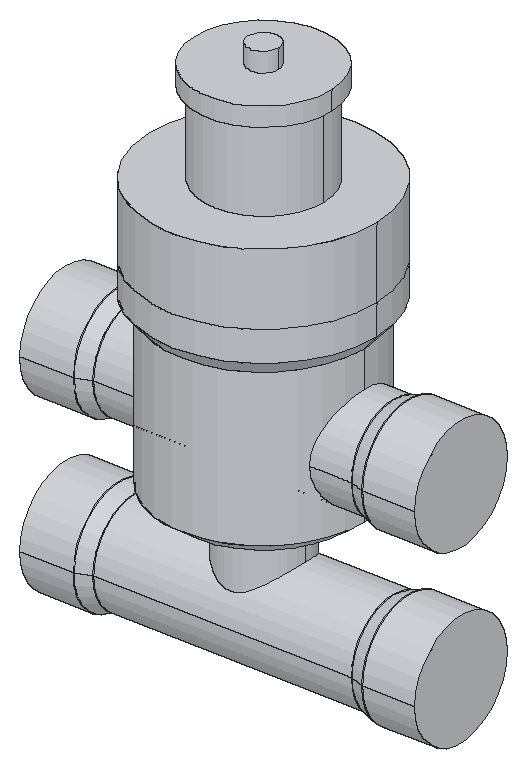
Revit family "VTX12P_DN15_PN16_RFA_2019", category Pipe Accessories, Revit 2019
Family settings
  Round Connector Dimension = Use Diameter
  Part Type = Valve - Breaks Into
  Work Plane-Based = No
  Always vertical = Yes
  Cut with Voids When Loaded = No
  Shared = No
Parameters (values of type "VTX12P G1/2  PN16 kvs1,0")
  magiProductId = ""
  magiProductFamilyId = ""
  magiPartTypeId = 306
  isMeasuringValve [instance] = no
  ang2D [instance] = 0.00°
  Z8 = 4 mm
  Z7__ve = -Z7  # -2.5 mm
  Z7 = 2.5 mm
  Z5 = 9.45 mm
  Z3 = 2 mm
  Z2 = 8.05 mm
  X4__ve = -X4  # -7 mm
  X4 = 7 mm
  X3 = 34 mm
  W2D = 15 mm
  VersionID = ""
  Use Minimum Symbol Size [instance] = yes
  URL = "www.hydronix.cz"
  Type Comments = "Závitový, vnější závit, ploché těsnění; LIN charakteristika; PN16; +5~+95°C; max.rychlost proudění 3,0 m/s"
  R9 = 9 mm
  R8 = 2 mm
  R7 = 15 mm
  R6 = 10.64 mm
  R5 = 6.703 mm
  R4 = 5.586 mm
  R2 = 13.3 mm
  R10 = 8 mm
  R1 = 6.75 mm
  QmdConnectorList = "301;D;302;D"
  Productdata [instance] = ""
  Manufacturer = "Hydronix"
  MC2 = yes
  MC Product Code = "VTX12P (G1/2\"; dpmax=250kPa; kvs 1,0)"
  MC = no
  LT2 = 19 mm
  L2D_Min = 3048 mm
  L2D = 38 mm
  H1 = 20.5 mm
  H = 27 mm
  E = 16 mm
  Description = "3 cestný regulační ventil malých spotřebičů s obtokem, DN15; zdvih 2,5mm; max dp 250kPa; kvs1,0"
  DT2 = 7.5 mm
  D = 15 mm
  CAT0 = yes
  C = 23 mm
Types (8, lengths in mm): name | Z5 | Z2 | X3 | R6 | R5 | R4 | R2 | R1 | MC Product Code | LT2 | H1 | H | Description | DT2 | D | C
  VTX09P G1/2  PN16 kvs0,25 | 9.45 | 8.05 | 34 | 10.64 | 6.703 | 5.586 | 13.3 | 6.75 | "VTX09P (G1/2\"; dpmax=250kPa; kvs 0,25)" | 19 | 20.5 | 27 | "3 cestný regulační ventil malých spotřebičů s obtokem, DN15; zdvih 2,5mm; max dp 250kPa; kvs0,25" | 7.5 | 15 | 23
  VTX10P G1/2  PN16 kvs0,4 | 9.45 | 8.05 | 34 | 10.64 | 6.703 | 5.586 | 13.3 | 6.75 | "VTX10P (G1/2\"; dpmax=250kPa; kvs 0,4)" | 19 | 20.5 | 27 | "3 cestný regulační ventil malých spotřebičů s obtokem, DN15; zdvih 2,5mm; max dp 250kPa; kvs0,4" | 7.5 | 15 | 23
  VTX12P G1/2  PN16 kvs1,0 | 9.45 | 8.05 | 34 | 10.64 | 6.703 | 5.586 | 13.3 | 6.75 | "VTX12P (G1/2\"; dpmax=250kPa; kvs 1,0)" | 19 | 20.5 | 27 | "3 cestný regulační ventil malých spotřebičů s obtokem, DN15; zdvih 2,5mm; max dp 250kPa; kvs1,0" | 7.5 | 15 | 23
  VTX13P G1/2  PN16 kvs1,6 | 9.45 | 8.05 | 34 | 10.64 | 6.703 | 5.586 | 13.3 | 6.75 | "VTX13P (G1/2\"; dpmax=250kPa; kvs 1,6)" | 19 | 20.5 | 27 | "3 cestný regulační ventil malých spotřebičů s obtokem, DN15; zdvih 2,5mm; max dp 250kPa; kvs1,6" | 7.5 | 15 | 23
  VTX21P G3/4  PN16 kvs2,5 | 9.1 | 17.5 | 38 | 11.76 | 7.409 | 6.174 | 14.7 | 9 | "VTX21P (G3/4\"; dpmax=150kPa; kvs 2,5)" | 21 | 37.4 | 26 | "3 cestný regulační ventil malých spotřebičů s obtokem, DN20; zdvih 2,5mm; max dp 150kPa; kvs2,5" | 10 | 20 | 50
  VTX24P G3/4  PN16 kvs4,0 | 9.1 | 17.5 | 38 | 11.76 | 7.409 | 6.174 | 14.7 | 9 | "VTX24P (G3/4\"; dpmax A-AB=100kPa;  dpmax B-AB=40kPa;  kvs 4,0)" | 21 | 37.4 | 26 | "3 cestný regulační ventil malých spotřebičů s obtokem, DN20; zdvih 2,5mm; max dp A-AB 100kPa; max dp B-AB 40kPa; kvs4,0" | 10 | 20 | 50
  VTX26P G3/4  PN16 kvs6,0 | 9.1 | 17.5 | 38 | 11.76 | 7.409 | 6.174 | 14.7 | 9 | "VTX26P (G3/4\"; dpmax A-AB=100kPa;  dpmax B-AB=40kPa; kvs 6,0)" | 21 | 37.4 | 26 | "3 cestný regulační ventil malých spotřebičů s obtokem, DN20; zdvih 2,5mm; max dp A-AB 100kPa; max dp B-AB 40kPa; kvs6,0" | 10 | 20 | 50
  VTX11P G1/2  PN16 kvs0,6 | 9.45 | 8.05 | 34 | 10.64 | 6.703 | 5.586 | 13.3 | 6.75 | "VTX11P (G1/2\"; dpmax=250kPa; kvs 0,6)" | 19 | 20.5 | 27 | "3 cestný regulační ventil malých spotřebičů s obtokem, DN15; zdvih 2,5mm; max dp 250kPa; kvs0,6" | 7.5 | 15 | 23
Reference planes
  plane 1 "Center (Front/Back)": y = 0
  plane 2 "XYPLANE": z = 0
  plane 3 "Center (Left/Right)": x = 0
  plane 4 "271": z = 38
  plane 5 "254": z = 11.55
  plane 6 "253": z = 17.55
  plane 7 "148": z = 40.5
  plane 8 "132": z = 43
  plane 9 "62": z = 13.55
  plane 10 "53": z = 27
  plane 11 "52": z = -8.95
  plane 12 "48": z = -10.95
  plane 13 "47": z = -12.95
  plane 14 "38": z = -21
  plane 15 "37": x = 17
  plane 16 "36": x = 19
  plane 17 "23": z = -23
  plane 18 "19": x = -17
  plane 19 "15": x = -19
  plane 20 "6": x = 26
  plane 21 "5": x = -26
  plane 22 "3": z = 0
  plane 23 "2": y = 0
  plane 24 "1": x = 0
Forms (mm)
  Extrusion 1, solid
    sketch origin (-17, -750, 0) x (0, 1, 0) y (0, 0, 1)
      loop
        circle (750, -23) r 6.75
    from 0 to 34 <- "X3"
  Blend 2, solid
    base sketch origin (19, -750, 0) x (0, 1, 0) y (0, 0, 1)
      loop
        circle (750, -23) r 7.5
    top sketch origin (19, -750, 0) x (0, 1, 0) y (0, 0, 1)
      loop
        circle (750, -23) r 6.75
    from 0 to -2
  Extrusion 3, solid
    sketch origin (26, -750, 0) x (0, 1, 0) y (0, 0, 1)
      loop
        circle (750, -23) r 7.5
    from 0 to -7 <- "X4__ve"
  Extrusion 4, solid
    sketch origin (-26, -750, 0) x (0, 1, 0) y (0, 0, 1)
      loop
        circle (750, -23) r 7.5
    from 0 to 7 <- "X4"
  Blend 5, solid
    base sketch origin (-19, -750, 0) x (0, 1, 0) y (0, 0, 1)
      loop
        circle (750, -23) r 7.5
    top sketch origin (-19, -750, 0) x (0, 1, 0) y (0, 0, 1)
      loop
        circle (750, -23) r 6.75
    from 0 to 2
  Extrusion 6, solid, visible <- "CAT0"
    sketch origin (-750, 0, 43) x (1, 0, 0) y (0, 1, 0)
      loop
        circle (750, 0) r 2
    from 0 to -2.5 <- "Z7__ve"
  Extrusion 7, solid, visible <- "CAT0"
    sketch origin (-750, 0, 38) x (1, 0, 0) y (0, 1, 0)
      loop
        circle (750, 0) r 8
    from 0 to -19
  Extrusion 8, solid, visible <- "CAT0"
    sketch origin (-17, -750, 0) x (0, 1, 0) y (0, 0, 1)
      loop
        circle (750, 0) r 6.75
    from 0 to 34 <- "X3"
  Extrusion 9, solid
    sketch origin (-750, 0, 13.55) x (1, 0, 0) y (0, 1, 0)
      loop
        circle (750, 0) r 15
    from 0 to 4 <- "Z8"
  Extrusion 10, solid
    sketch origin (-750, 0, 40.5) x (1, 0, 0) y (0, 1, 0)
      loop
        circle (750, 0) r 9
    from 0 to -2.5 <- "Z7__ve"
  Extrusion 11, solid
    sketch origin (-750, 0, 17.55) x (1, 0, 0) y (0, 1, 0)
      loop
        circle (750, 0) r 15
    from 0 to 9.45 <- "Z5"
  Blend 12, solid
    base sketch origin (-750, 0, 11.55) x (1, 0, 0) y (0, 1, 0)
      loop
        circle (750, 0) r 13.3
    top sketch origin (-750, 0, 11.55) x (1, 0, 0) y (0, 1, 0)
      loop
        circle (750, 0) r 15
    from 0 to 2
  Blend 13, solid
    base sketch origin (-750, 0, -8.95) x (1, 0, 0) y (0, 1, 0)
      loop
        circle (750, 0) r 13.3
    top sketch origin (-750, 0, -8.95) x (1, 0, 0) y (0, 1, 0)
      loop
        circle (750, 0) r 10.64
    from 0 to -2
  Blend 14, solid
    base sketch origin (-750, 0, -10.95) x (1, 0, 0) y (0, 1, 0)
      loop
        circle (750, 0) r 6.703
    top sketch origin (-750, 0, -10.95) x (1, 0, 0) y (0, 1, 0)
      loop
        circle (750, 0) r 5.586
    from 0 to -2
  Extrusion 15, solid
    sketch origin (-750, 0, -21) x (1, 0, 0) y (0, 1, 0)
      loop
        circle (750, 0) r 5.586
    from 0 to 8.05 <- "Z2"
  Extrusion 16, solid
    sketch origin (26, -750, 0) x (0, 1, 0) y (0, 0, 1)
      loop
        circle (750, 0) r 7.5
    from 0 to -7 <- "X4__ve"
  Blend 17, solid
    base sketch origin (19, -750, 0) x (0, 1, 0) y (0, 0, 1)
      loop
        circle (750, 0) r 7.5
    top sketch origin (19, -750, 0) x (0, 1, 0) y (0, 0, 1)
      loop
        circle (750, 0) r 6.75
    from 0 to -2
  Extrusion 18, solid
    sketch origin (-750, 0, -8.95) x (1, 0, 0) y (0, 1, 0)
      loop
        circle (750, 0) r 13.3
    from 0 to 20.5 <- "H1"
  Blend 19, solid
    base sketch origin (-19, -750, 0) x (0, 1, 0) y (0, 0, 1)
      loop
        circle (750, 0) r 7.5
    top sketch origin (-19, -750, 0) x (0, 1, 0) y (0, 0, 1)
      loop
        circle (750, 0) r 6.75
    from 0 to 2
  Extrusion 20, solid
    sketch origin (-26, -750, 0) x (0, 1, 0) y (0, 0, 1)
      loop
        circle (750, 0) r 7.5
    from 0 to 7 <- "X4"
  Extrusion 21, solid, not visible
    sketch origin (19, -750, 0) x (0, 1, 0) y (0, 0, 1)
      loop
        circle (750, 0) r 10
    from 0 to -10
  Extrusion 22, solid, not visible
    sketch origin (-19, -750, 0) x (0, 1, 0) y (0, 0, 1)
      loop
        circle (750, 0) r 10
    from 0 to 10
Lines and regions (mm)
  reference lines, not visible
    curve 1: circle (2, 2, 0) r 1 normal (0, 0, 1)
Dimensions and locks
  plane 1 "Center (Front/Back)" to curve 1 = 2 mm
  "Z7": plane 7 "148" to plane 4 "271"
  "Z3": plane 9 "62" to plane 5 "254"
  "Z5": plane 10 "53" to plane 6 "253"
  "Z7": plane 8 "132" to plane 7 "148"
  "E": plane 10 "53" to plane 8 "132"
  "Z8": plane 6 "253" to plane 9 "62"
  "H": plane 2 "XYPLANE" to plane 10 "53"
  "Z3": plane 12 "48" to plane 11 "52"
  "Z3": plane 13 "47" to plane 12 "48"
  "Z2": plane 14 "38" to plane 13 "47"
  "Z3": plane 17 "23" to plane 14 "38"
  locked: plane 16 "36" to plane 15 "37" at 2
  "LT2": plane 3 "Center (Left/Right)" to plane 16 "36"
  "C": plane 2 "XYPLANE" to plane 17 "23"
  locked: plane 19 "15" to plane 18 "19" at 2
  "LT2": plane 3 "Center (Left/Right)" to plane 19 "15"
  "X4": plane 16 "36" to plane 20 "6"
  "X4": plane 19 "15" to plane 21 "5"
  locked: plane 2 "XYPLANE" to plane 22 "3"
  locked: plane 1 "Center (Front/Back)" to plane 23 "2"
  locked: plane 3 "Center (Left/Right)" to plane 24 "1"
  "R1": radius of Extrusion 1 sketch curve
  "R1": radius of Blend 2 sketch curve
  "DT2": radius of Blend 2 sketch curve
  "DT2": radius of Extrusion 3 sketch curve
  "DT2": radius of Extrusion 4 sketch curve
  "R1": radius of Blend 5 sketch curve
  "DT2": radius of Blend 5 sketch curve
  "R8": radius of Extrusion 6 sketch curve
  "R10": radius of Extrusion 7 sketch curve
  "R1": radius of Extrusion 8 sketch curve
  "R7": radius of Extrusion 9 sketch curve
  "R9": radius of Extrusion 10 sketch curve
  "R7": radius of Extrusion 11 sketch curve
  "R7": radius of Blend 12 sketch curve
  "R2": radius of Blend 12 sketch curve
  "R6": radius of Blend 13 sketch curve
  "R2": radius of Blend 13 sketch curve
  "R4": radius of Blend 14 sketch curve
  "R5": radius of Blend 14 sketch curve
  "R4": radius of Extrusion 15 sketch curve
  "DT2": radius of Extrusion 16 sketch curve
  "R1": radius of Blend 17 sketch curve
  "DT2": radius of Blend 17 sketch curve
  "R2": radius of Extrusion 18 sketch curve
  "R1": radius of Blend 19 sketch curve
  "DT2": radius of Blend 19 sketch curve
  "DT2": radius of Extrusion 20 sketch curve
  aligned and locked: level to plane 2 "XYPLANE"
  aligned and locked: plane 17 "23" to Extrusion 1 sketch curve
  aligned and locked: Extrusion 1 sketch curve to plane 23 "2"
  aligned and locked: plane 17 "23" to Blend 2 sketch curve  (x2)
  aligned and locked: Blend 2 sketch curve to plane 23 "2"  (x2)
  aligned and locked: Blend 2 to plane 15 "37"
  aligned and locked: plane 17 "23" to Extrusion 3 sketch curve
  aligned and locked: Extrusion 3 sketch curve to plane 23 "2"
  aligned and locked: plane 17 "23" to Extrusion 4 sketch curve
  aligned and locked: Extrusion 4 sketch curve to plane 23 "2"
  aligned and locked: plane 17 "23" to Blend 5 sketch curve  (x2)
  aligned and locked: Blend 5 sketch curve to plane 23 "2"  (x2)
  aligned and locked: plane 18 "19" to Blend 5
  aligned and locked: plane 23 "2" to Extrusion 6 sketch curve
  aligned and locked: plane 24 "1" to Extrusion 6 sketch curve
  aligned and locked: plane 23 "2" to Extrusion 7 sketch curve
  aligned and locked: plane 24 "1" to Extrusion 7 sketch curve
  aligned and locked: plane 22 "3" to Extrusion 8 sketch curve
  aligned and locked: Extrusion 8 sketch curve to plane 23 "2"
  aligned and locked: plane 23 "2" to Extrusion 9 sketch curve
  aligned and locked: plane 24 "1" to Extrusion 9 sketch curve
  aligned and locked: plane 23 "2" to Extrusion 10 sketch curve
  aligned and locked: plane 24 "1" to Extrusion 10 sketch curve
  aligned and locked: plane 23 "2" to Extrusion 11 sketch curve
  aligned and locked: plane 24 "1" to Extrusion 11 sketch curve
  aligned and locked: plane 23 "2" to Blend 12 sketch curve  (x2)
  aligned and locked: plane 24 "1" to Blend 12 sketch curve  (x2)
  aligned and locked: plane 9 "62" to Blend 12
  aligned and locked: plane 23 "2" to Blend 13 sketch curve  (x2)
  aligned and locked: plane 24 "1" to Blend 13 sketch curve  (x2)
  aligned and locked: Blend 13 to plane 12 "48"
  aligned and locked: plane 23 "2" to Blend 14 sketch curve  (x2)
  aligned and locked: plane 24 "1" to Blend 14 sketch curve  (x2)
  aligned and locked: Blend 14 to plane 13 "47"
  aligned and locked: plane 23 "2" to Extrusion 15 sketch curve
  aligned and locked: plane 24 "1" to Extrusion 15 sketch curve
  aligned and locked: plane 22 "3" to Extrusion 16 sketch curve
  aligned and locked: Extrusion 16 sketch curve to plane 23 "2"
  aligned and locked: plane 22 "3" to Blend 17 sketch curve  (x2)
  aligned and locked: Blend 17 sketch curve to plane 23 "2"  (x2)
  aligned and locked: Blend 17 to plane 15 "37"
  aligned and locked: plane 23 "2" to Extrusion 18 sketch curve
  aligned and locked: plane 24 "1" to Extrusion 18 sketch curve
  aligned and locked: plane 22 "3" to Blend 19 sketch curve  (x2)
  aligned and locked: Blend 19 sketch curve to plane 23 "2"  (x2)
  aligned and locked: plane 18 "19" to Blend 19
  aligned and locked: plane 22 "3" to Extrusion 20 sketch curve
  aligned and locked: Extrusion 20 sketch curve to plane 23 "2"
  aligned and locked: plane 22 "3" to Extrusion 21 sketch curve
  aligned and locked: Extrusion 21 sketch curve to plane 23 "2"
  aligned and locked: plane 22 "3" to Extrusion 22 sketch curve
  aligned and locked: Extrusion 22 sketch curve to plane 23 "2"
Automatic sketch dimensions
  plane 1 "Center (Front/Back)" to Extrusion 21 sketch curve = 10 mm
  plane 1 "Center (Front/Back)" to Extrusion 22 sketch curve = 10 mm
  plane 3 "Center (Left/Right)" to curve 1 = 2 mm
  radius of curve 1 = 1 mm
Connectors
  piping at (-19, 0, 0), diameter 15, driven by "D"
    settings: on Extrusion 22, index 1, connector inside diameter 609.6 mm, connector length 0 mm, flow factor 0, pipe flow 0.0 L/s, pressure drop 0.0 Pa, fitting loss kfactor 0, connector angle 0.00°, fixture units 0, engagement length 0 mm, angle of deflection 0.00°, flow configuration 0, flow direction 0, fitting loss method 0, system type 29, joint type 0, gender type 0, connector reference index 2, connector utility 0, adjustable connector no, is connector primary yes, connector description ""
  piping at (19, 0, 0), diameter 15, driven by "D"
    settings: on Extrusion 21, index 2, connector inside diameter 609.6 mm, connector length 0 mm, flow factor 0, pipe flow 0.0 L/s, pressure drop 0.0 Pa, fitting loss kfactor 0, connector angle 0.00°, fixture units 0, engagement length 0 mm, angle of deflection 0.00°, flow configuration 0, flow direction 0, fitting loss method 0, system type 29, joint type 0, gender type 0, connector reference index 1, connector utility 0, adjustable connector no, is connector primary no, connector description ""
